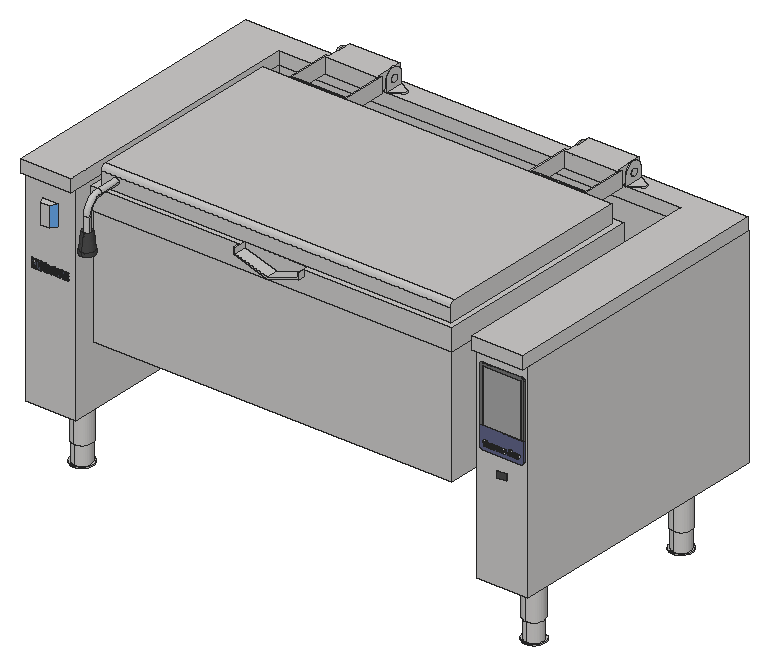
Revit family "QF_ELECTROLUXPROFESSIONAL_587035_PFET17ECUU", category Attrezzature speciali, Revit 2020
Family settings
  Quota connettore circolare = Usa diametro
  Tipo di parte = Normale
  Basato su piano di lavoro = No
  Sempre verticale = Sì
  Taglio con vuoti quando caricato = No
  Condiviso = No
  Punto di calcolo locali = No
Parameters (values of type "Standard")
  Weight = 300.00 kg
  Watts = 20600 W
  Volts = 208 V
  URL Manufacturer = "https://www.electroluxprofessional.com/"
  URL = "https://www.electroluxprofessional.com/"
  Steam Supply Size = 0 mm
  Steam Supply Minimum Pressure = 0.0 Pa
  Steam Supply Maximum Pressure = 0.0 Pa
  Steam Consumption per Hour = 0
  Refrigeration Suction Line Size = 0.0 mm
  Refrigeration Liquid Line Size = 0.0 mm
  Refrigerant Compressor Remote = yes
  Prospetto di default = 0.0 mm
  Produttore = "Electrolux Professional"
  Phase = 3
  Modello = "PFET17ECUU"
  Length Actual = 1600.0 mm  # constant formula
  Item Number = "587035"
  Hot Water Size = 12.7 mm
  Height Actual = 700.0 mm  # constant formula
  HP = "27.6 HP"
  Gas Size = 0 mm
  Gas KW = 0
  Gas Input Pressure = 0 W
  Direct Waste Size = 0 mm
  Descrizione = "ELECTRIC TILTING BRAISING PAN, 170L/45GAL,208V,FS,USA"
  Depth Actual = 900.0 mm  # constant formula
  Cycle = 60 Hz
  Condensate Return Size = 0 mm
  Compressed Air Volume = 0.0 L/s
  Compressed Air Size = 0 mm
  Compressed Air Pressure = 0.0 Pa
  Cold Water Size = 12.7 mm
  Accessory = yes
Reference planes
  plane 1 "Center (Front/Back)": y = 0
  plane 2: z = 0
  plane 3 "Center (Left/Right)": x = 0
  plane 4 "LEFT": x = -800
  plane 5 "RIGHT": x = 800
  plane 6 "BACK": y = 450
  plane 7 "FRONT": y = -450
  plane 8 "Base": z = 200
  plane 9 "TOP": z = 900
  plane 10: x = -640
  plane 11: x = 640
  plane 12 "Axe_PentolaY": y = -230
  plane 13 "AxePentolaZ": z = 730
  plane 14 "PLANE_TOP": z = 860
  plane 15: y = 380
  plane 16: z = 833
  plane 17: z = 455
  plane 18: z = 293
  plane 19: y = -470
  plane 20 "CentroPentolaY": y = -158
  plane 21 "TopCoperchio": z = 958
  plane 22 "Versamento": z = 910
  plane 23 "Gfront": y = -1300
  plane 24 "GRight": x = 250
  plane 25 "GLeft": x = -250
  plane 26 "Gback": y = -100
  plane 27: z = 1845
  plane 28 "Ribaltamento": y = -521
  plane 29 "AxeL": x = -720
  plane 30 "AxeR": x = 720
  plane 31 "Pentola_Back": y = 226
  plane 32 "Pentola_L": x = -570.5
  plane 33 "Pentola_R": x = 570.5
  plane 34: x = -510.5
  plane 35 "axeC1": x = -382
  plane 36 "axeC2": x = 382
Forms (mm)
  Revolve 1, solid, material "QF_Finishes_Stainless Steel"
    sketch origin (0, 0, 730) x (-1, 0, 0) y (0, -1, 0)
      loop
        line (640, 230) -> (-640, 230) -> (-640, 140) -> (-630, 140) -> (-630, 173) -> (630, 173) -> (630, 140) -> (640, 140) -> (640, 230)
      axis (640, 230) -> (-640, 230)
    angle from 0 to 360
  Extrusion 2, solid, material "QF_Finishes_Stainless Steel"
    sketch origin (0, 0, 860) x (-1, 0, 0) y (0, -1, 0)
      loop
        line (800, 450) -> (640, 450) -> (640, -380) -> (-640, -380) -> (-640, 450) -> (-800, 450) -> (-800, -450) -> (800, -450) -> (800, 450)
    from 0 to 40
  Extrusion 3, solid, material "QF_Finishes_Stainless Steel"
    sketch origin (0, 0, 860) x (-1, 0, 0) y (0, -1, 0)
      loop
        line (640, -380) -> (-640, -380) -> (-640, -450) -> (640, -450) -> (640, -380)
    from 0 to -360
  Extrusion 4, solid, material "QF_Finishes_Stainless Steel"
    sketch origin (-382, 0, 0) x (0, 1, 0) y (0, 0, 1)
      loop
        line (438.242, 900) -> (438.242, 931.379)
        arc (438.242, 931.379) -> (409.121, 960.5) -> (380, 931.379) r 29.121
        line (380, 931.379) -> (380, 900) -> (438.242, 900)
    from 80 to 85
  Extrusion 5, solid, material "QF_Finishes_Stainless Steel"
    sketch origin (-182, 3.822, 900) x (0, 1, 0) y (-1, 0, 0)
      loop
        arc (395.078, 80.386) -> (405.299, 74.322) -> (415.519, 80.386) r 11.645
        line (415.519, 80.386) -> (434.42, 115) -> (376.178, 115) -> (395.078, 80.386)
      loop
        line (395.078, 319.614) -> (376.178, 285) -> (434.42, 285) -> (415.519, 319.614)
        arc (415.519, 319.614) -> (405.299, 325.678) -> (395.078, 319.614) r 11.645
    from 0 to 3
  Extrusion 6, solid, material "QF_Door-Drawer Clearances", detail levels coarse
    sketch origin (0, 0, 0) x (0, 1, 0) y (0, 0, 1)
      loop
        line (-415, 958) -> (420, 958) -> (209.062, 1745.23) -> (194.574, 1741.347) -> (180.687, 1793.174)
        arc (180.687, 1793.174) -> (156.279, 1828.463) -> (116.687, 1845) r 76.299
        arc (116.687, 1845) -> (-327.776, 1502.756) -> (-519.112, 975.434) r 1003.531
        line (-519.112, 975.434) -> (-430, 943)
        arc (-430, 943) -> (-425.607, 953.607) -> (-415, 958) r 15
      loop
        arc (-470, 900) -> (-521.02, 709.615) -> (-444, 528.183) r 302.677
        line (-444, 528.183) -> (-444, 833) -> (-450, 833) -> (-450, 847.898) -> (-470, 847.898) -> (-470, 900)
    from 105 to -105
  Extrusion 7, solid, material "QF_Finishes_Stainless Steel"
    sketch origin (0, 0, 0) x (0, 1, 0) y (0, 0, 1)
      loop
        line (226, 833) -> (-444, 833) -> (-444, 455) -> (226, 455) -> (226, 833)
    from -570.5 to 570.5
  Extrusion 8, solid, material "QF_Finishes_Stainless Steel"
    sketch origin (0, 0, 0) x (0, 1, 0) y (0, 0, 1)
      loop
        line (232, 833) -> (232, 900) -> (-450, 900) -> (-450, 833) -> (232, 833)
    from -576.5 to 576.5
  Extrusion 9, void
    sketch origin (0, -450, 0) x (-1, 0, 0) y (0, 0, 1)
      loop
        line (-105, 900) -> (-105, 880) -> (0, 847.898) -> (105, 880) -> (105, 900) -> (-105, 900)
    from 0 to 20
  Extrusion 10, solid, material "QF_Finishes_Stainless Steel"
    sketch origin (0, 0, 0) x (0, 1, 0) y (0, 0, 1)
      loop
        line (212, 958) -> (-415, 958)
        arc (-415, 958) -> (-425.607, 953.607) -> (-430, 943) r 15
        line (-430, 943) -> (-430, 900) -> (212, 900) -> (212, 958)
    from -556.5 to 556.5
  Extrusion 11, solid, material "QF_Finishes_Stainless Steel"
    sketch origin (0, -450, 0) x (-1, 0, 0) y (0, 0, 1)
      loop
        line (105, 880) -> (105, 900) -> (100, 900) -> (100, 883.7) -> (0, 853.127) -> (-100, 883.7) -> (-100, 900) -> (-105, 900) -> (-105, 880) -> (0, 847.898) -> (105, 880)
    from -20 to 20
  Extrusion 12, solid, material "QF_Finishes_Stainless Steel"
    sketch origin (-382, 0, 0) x (0, 1, 0) y (0, 0, 1)
      loop
        line (438.242, 900) -> (438.242, 931.379)
        arc (438.242, 931.379) -> (409.121, 960.5) -> (380, 931.379) r 29.121
        line (380, 931.379) -> (380, 900) -> (438.242, 900)
    from -85 to -80
  Extrusion 13, solid, material "QF_Finishes_Stainless Steel"
    sketch origin (198, 0, 900) x (0, 1, 0) y (-1, 0, 0)
      loop
        line (212, 670) -> (212, 490) -> (355, 490) -> (355, 500) -> (438.242, 500) -> (438.242, 660) -> (355, 660) -> (355, 670) -> (212, 670)
      loop
        line (217, 665) -> (217, 495) -> (345, 495) -> (345, 665) -> (217, 665)
    from 10 to 58
  Extrusion 14, solid, material "QF_Finishes_Stainless Steel"
    sketch origin (-382, 0, 0) x (0, 1, 0) y (0, 0, 1)
      loop
        circle (406.621, 931.379) r 10
    from 90 to 85
  Extrusion 15, solid, material "QF_Finishes_Stainless Steel"
    sketch origin (-382, 0, 0) x (0, 1, 0) y (0, 0, 1)
      loop
        circle (406.621, 931.379) r 10
    from -85 to -90
  Extrusion 16, solid, material "QF_Finishes_Stainless Steel"
    sketch origin (382, 0, 0) x (0, 1, 0) y (0, 0, -1)
      loop
        line (438.242, -900) -> (380, -900) -> (380, -931.379)
        arc (380, -931.379) -> (409.121, -960.5) -> (438.242, -931.379) r 29.121
        line (438.242, -931.379) -> (438.242, -900)
    from 80 to 85
  Extrusion 17, solid, material "QF_Finishes_Stainless Steel"
    sketch origin (182, 3.822, 900) x (0, 1, 0) y (-1, 0, 0)
      loop
        line (395.078, -80.386) -> (376.178, -115) -> (434.42, -115) -> (415.519, -80.386)
        arc (415.519, -80.386) -> (405.299, -74.322) -> (395.078, -80.386) r 11.645
      loop
        arc (395.078, -319.614) -> (405.299, -325.678) -> (415.519, -319.614) r 11.645
        line (415.519, -319.614) -> (434.42, -285) -> (376.178, -285) -> (395.078, -319.614)
    from 0 to 3
  Extrusion 18, solid, material "QF_Finishes_Stainless Steel"
    sketch origin (382, 0, 0) x (0, 1, 0) y (0, 0, -1)
      loop
        line (438.242, -900) -> (380, -900) -> (380, -931.379)
        arc (380, -931.379) -> (409.121, -960.5) -> (438.242, -931.379) r 29.121
        line (438.242, -931.379) -> (438.242, -900)
    from -85 to -80
  Extrusion 19, solid, material "QF_Finishes_Stainless Steel"
    sketch origin (-198, 0, 900) x (0, 1, 0) y (-1, 0, 0)
      loop
        line (212, -670) -> (355, -670) -> (355, -660) -> (438.242, -660) -> (438.242, -500) -> (355, -500) -> (355, -490) -> (212, -490) -> (212, -670)
      loop
        line (217, -665) -> (345, -665) -> (345, -495) -> (217, -495) -> (217, -665)
    from 10 to 58
  Extrusion 20, solid, material "QF_Finishes_Stainless Steel"
    sketch origin (382, 0, 0) x (0, 1, 0) y (0, 0, -1)
      loop
        circle (406.621, -931.379) r 10
    from 90 to 85
  Extrusion 21, solid, material "QF_Finishes_Stainless Steel"
    sketch origin (382, 0, 0) x (0, 1, 0) y (0, 0, -1)
      loop
        circle (406.621, -931.379) r 10
    from -85 to -90
Cuts and joins
  Extrusion 9 cuts Extrusion 8
  joined: Extrusion 8, Extrusion 11
Lines and regions (mm)
  symbolic lines
    curve 1: line (800, 450, 900) -> (-800, 450, 900)
    curve 2: line (800, -450, 900) -> (800, 450, 900)
    curve 3: line (-800, 450, 900) -> (-800, -450, 900)
    curve 4: line (-800, -450, 900) -> (-640, -450, 900)
    curve 5: line (-640, -450, 900) -> (-640, 450, 900)
    curve 6: line (640, -450, 900) -> (800, -450, 900)
    curve 7: line (630, -140, 900) -> (630, -320, 900)
    curve 8: line (-630, -140, 900) -> (-630, -320, 900)
    curve 9: line (-630, -140, 900) -> (-640, -140, 900)
    curve 10: line (-630, -320, 900) -> (-640, -320, 900)
    curve 11: line (630, -140, 900) -> (640, -140, 900)
    curve 12: line (630, -320, 900) -> (640, -320, 900)
    curve 18: line (-630, -172.761, 900) -> (-575.169, -172.761, 900)
    curve 19: line (-630, -286.868, 900) -> (-576.5, -286.868, 900)
    curve 20: line (630, -172.761, 900) -> (576.5, -172.761, 900)
    curve 21: line (630, -286.868, 900) -> (576.5, -286.868, 900)
    curve 46: line (-556.5, -430, 900) -> (556.5, -430, 900)
    curve 47: line (-501.5, -450, 900) -> (-100, -450, 900)
    curve 53: line (100, -450, 900) -> (576.5, -450, 900)
    curve 54: line (-472, 232, 900) -> (-576.5, 232, 900)
    curve 55: line (292, 232, 900) -> (-292, 232, 900)
    curve 56: line (-640, 380, 900) -> (-462, 380, 900)
    curve 57: line (640, 450, 900) -> (640, -450, 900)
    curve 58: line (-472, 355, 900) -> (-472, 212, 900)
    curve 59: line (-467, 217, 900) -> (-467, 345, 900)
    curve 60: line (-467, 345, 900) -> (-297, 345, 900)
    curve 61: line (-297, 345, 900) -> (-297, 217, 900)
    curve 62: line (-292, 212, 900) -> (-292, 355, 900)
    curve 63: line (-297, 217, 900) -> (-467, 217, 900)
    curve 64: line (292, 355, 900) -> (292, 232, 900)
    curve 65: line (297, 217, 900) -> (297, 345, 900)
    curve 66: line (467, 217, 900) -> (297, 217, 900)
    curve 67: line (467, 345, 900) -> (467, 217, 900)
    curve 68: line (472, 212, 900) -> (472, 355, 900)
    curve 69: line (297, 345, 900) -> (467, 345, 900)
    curve 70: line (-462, 355, 900) -> (-472, 355, 900)
    curve 71: line (-292, 355, 900) -> (-302, 355, 900)
    curve 72: line (-302, 355, 900) -> (-302, 438.242, 900)
    curve 73: line (-462, 438.242, 900) -> (-462, 355, 900)
    curve 74: line (-297, 438.242, 900) -> (-467, 438.242, 900)
    curve 75: line (472, 355, 900) -> (462, 355, 900)
    curve 76: line (302, 355, 900) -> (292, 355, 900)
    curve 77: line (302, 438.242, 900) -> (302, 380, 900)
    curve 78: line (462, 355, 900) -> (462, 380, 900)
    curve 79: line (262.386, 398.901, 900) -> (297, 380, 900)
    curve 80: line (297, 438.242, 900) -> (262.386, 419.341, 900)
    curve 81: arc (262.386, 419.341, 900) -> (256.322, 409.121, 900) -> (262.386, 398.901, 900) r 11.645
    curve 82: line (292, 416.621, 900) -> (292, 396.621, 900)
    curve 83: line (297, 438.242, 900) -> (297, 380, 900)
    curve 84: line (462, 438.242, 900) -> (302, 438.242, 900)
    curve 85: line (467, 380, 900) -> (467, 438.242, 900)
    curve 86: line (472, 396.621, 900) -> (472, 416.621, 900)
    curve 87: line (501.614, 419.341, 900) -> (467, 438.242, 900)
    curve 88: line (467, 380, 900) -> (501.614, 398.901, 900)
    curve 89: arc (501.614, 398.901, 900) -> (507.678, 409.121, 900) -> (501.614, 419.341, 900) r 11.645
    curve 90: line (-467, 438.242, 900) -> (-501.614, 419.341, 900)
    curve 91: arc (-501.614, 419.341, 900) -> (-507.678, 409.121, 900) -> (-501.614, 398.901, 900) r 11.645
    curve 92: line (-501.614, 398.901, 900) -> (-467, 380, 900)
    curve 93: line (-472, 416.621, 900) -> (-472, 396.621, 900)
    curve 94: line (-467, 438.242, 900) -> (-467, 380, 900)
    curve 95: line (-297, 380, 900) -> (-297, 438.242, 900)
    curve 96: line (-292, 396.621, 900) -> (-292, 416.621, 900)
    curve 97: line (-297, 380, 900) -> (-262.386, 398.901, 900)
    curve 98: arc (-262.386, 398.901, 900) -> (-256.322, 409.121, 900) -> (-262.386, 419.341, 900) r 11.645
    curve 99: line (-262.386, 419.341, 900) -> (-297, 438.242, 900)
    curve 100: line (-472, 416.621, 900) -> (-467, 416.621, 900)
    curve 101: line (-472, 396.621, 900) -> (-467, 396.621, 900)
    curve 102: line (-297, 396.621, 900) -> (-292, 396.621, 900)
    curve 103: line (-297, 416.621, 900) -> (-292, 416.621, 900)
    curve 104: line (292, 416.621, 900) -> (297, 416.621, 900)
    curve 105: line (292, 396.621, 900) -> (297, 396.621, 900)
    curve 106: line (472, 416.621, 900) -> (467, 416.621, 900)
    curve 107: line (472, 396.621, 900) -> (467, 396.621, 900)
    curve 108: line (302, 380, 900) -> (302, 355, 900)
    curve 109: line (462, 380, 900) -> (462, 438.242, 900)
    curve 110: line (-302, 380, 900) -> (302, 380, 900)
    curve 111: line (462, 380, 900) -> (640, 380, 900)
    curve 112: line (-467, 232, 900) -> (-297, 232, 900)
    curve 113: line (292, 232, 900) -> (292, 212, 900)
    curve 114: line (297, 232, 900) -> (467, 232, 900)
    curve 115: line (472, 232, 900) -> (576.5, 232, 900)
  symbolic lines, style "SpecialityEquipmentHiddenLines"
    curve 13: line (-250, -1300, 900) -> (250, -1300, 900)
    curve 14: line (-250, -100, 900) -> (-250, -1300, 900)
    curve 15: line (250, -100, 900) -> (-250, -100, 900)
    curve 16: line (250, -1300, 900) -> (250, -100, 900)
    curve 38: line (0, -1165.484, 900) -> (0, -1135.484, 900)
    curve 39: line (-15, -1150.484, 900) -> (15, -1150.484, 900)
  symbolic lines, style "SpecialityEquipment"
    curve 17: circle (0, -1150.484, 900) r 15 normal (0, 0, 1)
    curve 22: line (210, -1300, 900) -> (210, -1100, 900)
    curve 23: line (170, -1300, 900) -> (170, -1140, 900)
    curve 24: line (130, -1300, 900) -> (130, -1180, 900)
    curve 25: line (90, -1300, 900) -> (90, -1220, 900)
    curve 26: line (90, -1260, 900) -> (250, -1260, 900)
    curve 27: line (130, -1220, 900) -> (250, -1220, 900)
    curve 28: line (170, -1180, 900) -> (250, -1180, 900)
    curve 29: line (210, -1140, 900) -> (250, -1140, 900)
    curve 30: line (-210, -1300, 900) -> (-210, -1100, 900)
    curve 31: line (-170, -1300, 900) -> (-170, -1140, 900)
    curve 32: line (-130, -1300, 900) -> (-130, -1180, 900)
    curve 33: line (-90, -1300, 900) -> (-90, -1220, 900)
    curve 34: line (-90, -1260, 900) -> (-250, -1260, 900)
    curve 35: line (-130, -1220, 900) -> (-250, -1220, 900)
    curve 36: line (-170, -1180, 900) -> (-250, -1180, 900)
    curve 37: line (-210, -1140, 900) -> (-250, -1140, 900)
    curve 40: line (-556.5, 212, 900) -> (-556.5, -430, 900)
    curve 41: line (556.5, -430, 900) -> (556.5, 212, 900)
    curve 42: line (556.5, 212, 900) -> (-556.5, 212, 900)
    curve 43: line (-576.5, 232, 900) -> (-576.5, -450, 900)
    curve 44: line (-576.5, -450, 900) -> (-519.5, -450, 900)
    curve 45: line (576.5, -450, 900) -> (576.5, 232, 900)
    curve 48: line (-100, -430, 900) -> (-100, -470, 900)
    curve 49: line (-105, -470, 900) -> (105, -470, 900)
    curve 50: line (100, -470, 900) -> (100, -430, 900)
    curve 51: line (105, -470, 900) -> (105, -450, 900)
    curve 52: line (-105, -450, 900) -> (-105, -470, 900)
Dimensions and locks
  plane 4 "LEFT" to plane 5 "RIGHT" = 1600.0 mm
  equal spacing: plane 4 "LEFT", plane 3 "Center (Left/Right)", plane 5 "RIGHT"
  equal spacing: plane 6 "BACK", plane 1 "Center (Front/Back)", plane 7 "FRONT"
  plane 6 "BACK" to plane 7 "FRONT" = 900.0 mm
  plane 8 "Base" to level = 200.0 mm
  plane 9 "TOP" to level = 900.0 mm
  plane 9 "TOP" to plane 8 "Base" = 700.0 mm
  locked: plane 4 "LEFT" to plane 10 at 160
  locked: plane 11 to plane 5 "RIGHT" at 160
  locked: plane 6 "BACK" to plane 12 "Axe_PentolaY" at 680
  locked: plane 13 "AxePentolaZ" to plane 8 "Base" at 530
  locked: Revolve 1 sketch curve to Revolve 1 sketch curve at 57
  locked: Revolve 1 sketch curve to Revolve 1 sketch curve at 90
  locked: plane 10 to Revolve 1 sketch curve at 10
  locked: Revolve 1 sketch curve to plane 11 at 10
  locked: plane 9 "TOP" to plane 14 "PLANE_TOP" at 40
  plane 6 "BACK" to plane 15 = 70.0 mm
  locked: plane 16 to plane 13 "AxePentolaZ" at 103
  locked: plane 13 "AxePentolaZ" to plane 17 at 275
  locked: plane 17 to plane 18 at 162
  plane 6 "BACK" to plane 19 = 920.0 mm
  locked: plane 6 "BACK" to plane 20 "CentroPentolaY" at 608
  locked: plane 21 "TopCoperchio" to plane 9 "TOP" at 58
  locked: plane 22 "Versamento" to level at 910
  plane 6 "BACK" to plane 23 "Gfront" = 1750.0 mm
  locked: plane 25 "GLeft" to plane 3 "Center (Left/Right)" at 250
  locked: plane 3 "Center (Left/Right)" to plane 24 "GRight" at 250
  plane 6 "BACK" to plane 26 "Gback" = 550.0 mm
  plane 27 to plane 9 "TOP" = 945.0 mm
  plane 6 "BACK" to plane 28 "Ribaltamento" = 971.0 mm
  equal spacing: plane 10, plane 29 "AxeL", plane 4 "LEFT"
  equal spacing: plane 5 "RIGHT", plane 30 "AxeR", plane 11
  locked: plane 33 "Pentola_R" to plane 32 "Pentola_L" at 1141
  equal spacing: plane 33 "Pentola_R", plane 3 "Center (Left/Right)", plane 32 "Pentola_L"
  locked: Extrusion 8 sketch curve to plane 31 "Pentola_Back" at 6
  plane 31 "Pentola_Back" to plane 12 "Axe_PentolaY" = 456.0 mm
  locked: plane 34 to plane 32 "Pentola_L" at 60
  plane 4 "LEFT" to plane 35 "axeC1" = 418.0 mm
  plane 36 "axeC2" to plane 5 "RIGHT" = 418.0 mm
  locked: cut or joined group of Extrusion 8, Extrusion 9, Extrusion 11 to plane 33 "Pentola_R" at 6
  locked: plane 32 "Pentola_L" to cut or joined group of Extrusion 8, Extrusion 9, Extrusion 11 at 6
  locked: Extrusion 10 to plane 32 "Pentola_L" at 14
  locked: plane 33 "Pentola_R" to Extrusion 10 at 14
  aligned and locked: level to plane 2
  aligned and locked: plane 5 "RIGHT" to nested 2
  aligned and locked: plane 4 "LEFT" to nested 1
  aligned and locked: plane 8 "Base" to nested 1
  aligned and locked: plane 6 "BACK" to nested 2
  aligned and locked: plane 10 to Revolve 1 sketch curve
  aligned and locked: plane 11 to Revolve 1 sketch curve
  aligned and locked: plane 4 "LEFT" to Extrusion 2 sketch curve
  aligned and locked: Extrusion 2 sketch curve to plane 10
  aligned and locked: plane 7 "FRONT" to Extrusion 2 sketch curve  (x2)
  aligned and locked: Extrusion 2 sketch curve to plane 5 "RIGHT"
  aligned and locked: plane 11 to Extrusion 2 sketch curve
  aligned and locked: Extrusion 2 sketch curve to plane 6 "BACK"
  aligned and locked: plane 15 to Extrusion 2 sketch curve
  aligned and locked: Extrusion 3 sketch curve to plane 10
  aligned and locked: plane 6 "BACK" to Extrusion 3 sketch curve
  aligned and locked: plane 11 to Extrusion 3 sketch curve
  aligned and locked: Extrusion 3 sketch curve to plane 15
  aligned and locked: curve 13 to plane 23 "Gfront"
  aligned and locked: curve 14 to plane 25 "GLeft"
  aligned and locked: plane 24 "GRight" to curve 16
  aligned and locked: plane 26 "Gback" to curve 15
  aligned and locked: plane 30 "AxeR" to nested 3
  aligned and locked: plane 17 to Extrusion 7 sketch curve
  aligned and locked: Extrusion 8 sketch curve to plane 16
  aligned and locked: plane 9 "TOP" to Extrusion 8 sketch curve
  aligned and locked: Extrusion 7 to plane 32 "Pentola_L"
  aligned and locked: plane 33 "Pentola_R" to Extrusion 7
  aligned and locked: plane 34 to nested 4
  aligned and locked: plane 29 "AxeL" to nested 5
Automatic sketch dimensions
  plane 12 "Axe_PentolaY" to Revolve 1 sketch curve = 0.0 mm
  Revolve 1 sketch curve to plane 12 "Axe_PentolaY" = 0.0 mm
  plane 20 "CentroPentolaY" to Revolve 1 sketch curve = 18.0 mm
  plane 5 "RIGHT" to Revolve 1 sketch curve = 432.098 mm
  Revolve 1 sketch curve to plane 4 "LEFT" = 580.148 mm
  Extrusion 4 sketch curve to plane 9 "TOP" = 0.0 mm
  Extrusion 4 sketch curve to plane 15 = 0.0 mm
  plane 15 to Extrusion 4 sketch curve = 29.121 mm
  plane 22 "Versamento" to Extrusion 4 sketch curve = 21.379 mm
  Extrusion 5 sketch curve to plane 15 = 0.0 mm  (x2)
  plane 34 to Extrusion 5 sketch curve = 8.886 mm  (x2)
  plane 15 to Extrusion 5 sketch curve = 18.901 mm  (x2)
  Extrusion 5 sketch curve to Extrusion 5 sketch curve = 10.22 mm  (x3)
  Extrusion 5 sketch curve to plane 25 "GLeft" = 12.386 mm
  Extrusion 5 sketch curve to plane 6 "BACK" = 11.758 mm  (x2)
  Extrusion 5 sketch curve to Extrusion 5 sketch curve = 5.581 mm  (x2)
  Extrusion 5 sketch curve to Extrusion 5 sketch curve = 34.614 mm  (x2)
  Extrusion 6 sketch curve to plane 9 "TOP" = 0.0 mm
  Extrusion 6 sketch curve to plane 19 = 0.0 mm
  Extrusion 6 sketch curve to plane 7 "FRONT" = 0.0 mm
  Extrusion 6 sketch curve to plane 16 = 0.0 mm
  Extrusion 6 sketch curve to plane 21 "TopCoperchio" = 0.0 mm
  Extrusion 6 sketch curve to plane 27 = 0.0 mm
  plane 28 "Ribaltamento" to Extrusion 6 sketch curve = 1.888 mm
  Extrusion 6 sketch curve to Extrusion 6 sketch curve = 6.0 mm
  plane 7 "FRONT" to Extrusion 6 sketch curve = 20.0 mm
  Extrusion 6 sketch curve to plane 21 "TopCoperchio" = 15.0 mm
  plane 13 "AxePentolaZ" to Extrusion 6 sketch curve = 0.728 mm
  plane 12 "Axe_PentolaY" to Extrusion 6 sketch curve = 10.919 mm
  Extrusion 6 sketch curve to plane 1 "Center (Front/Back)" = 108.263 mm
  Extrusion 6 sketch curve to plane 31 "Pentola_Back" = 45.313 mm
  Extrusion 6 sketch curve to plane 31 "Pentola_Back" = 31.426 mm
  Extrusion 6 sketch curve to Extrusion 6 sketch curve = 14.489 mm
  Extrusion 6 sketch curve to plane 6 "BACK" = 30.0 mm
  plane 22 "Versamento" to Extrusion 6 sketch curve = 0.445 mm
  plane 6 "BACK" to Extrusion 6 sketch curve = 32.313 mm
  Extrusion 6 sketch curve to plane 14 "PLANE_TOP" = 12.102 mm
  plane 21 "TopCoperchio" to Extrusion 6 sketch curve = 17.434 mm
  Extrusion 6 sketch curve to plane 27 = 103.653 mm
  Extrusion 7 sketch curve to plane 16 = 0.0 mm
  Extrusion 7 sketch curve to plane 31 "Pentola_Back" = 0.0 mm
  plane 7 "FRONT" to Extrusion 7 sketch curve = 6.0 mm
  Extrusion 8 sketch curve to plane 7 "FRONT" = 0.0 mm
  Extrusion 9 sketch curve to plane 9 "TOP" = 0.0 mm
  Extrusion 9 sketch curve to plane 3 "Center (Left/Right)" = 0.0 mm
  plane 3 "Center (Left/Right)" to Extrusion 9 sketch curve = 105.0 mm
  Extrusion 9 sketch curve to plane 9 "TOP" = 20.0 mm  (x2)
  Extrusion 9 sketch curve to plane 3 "Center (Left/Right)" = 105.0 mm
  Extrusion 9 sketch curve to plane 14 "PLANE_TOP" = 12.102 mm
  Extrusion 10 sketch curve to plane 9 "TOP" = 0.0 mm
  Extrusion 10 sketch curve to plane 21 "TopCoperchio" = 0.0 mm
  plane 7 "FRONT" to Extrusion 10 sketch curve = 20.0 mm
  Extrusion 10 sketch curve to Extrusion 10 sketch curve = 15.0 mm
  Extrusion 10 sketch curve to plane 31 "Pentola_Back" = 14.0 mm
  Extrusion 11 sketch curve to plane 9 "TOP" = 0.0 mm  (x2)
  Extrusion 11 sketch curve to plane 3 "Center (Left/Right)" = 0.0 mm  (x2)
  plane 3 "Center (Left/Right)" to Extrusion 11 sketch curve = 100.0 mm
  Extrusion 11 sketch curve to Extrusion 11 sketch curve = 5.0 mm  (x2)
  Extrusion 11 sketch curve to plane 9 "TOP" = 16.3 mm
  Extrusion 11 sketch curve to plane 3 "Center (Left/Right)" = 100.0 mm
  Extrusion 11 sketch curve to plane 9 "TOP" = 20.0 mm  (x2)
  Extrusion 11 sketch curve to plane 14 "PLANE_TOP" = 6.873 mm
  Extrusion 11 sketch curve to Extrusion 11 sketch curve = 5.228 mm
  Extrusion 11 sketch curve to Extrusion 11 sketch curve = 3.7 mm
  Extrusion 12 sketch curve to plane 9 "TOP" = 0.0 mm
  Extrusion 12 sketch curve to plane 15 = 0.0 mm
  plane 15 to Extrusion 12 sketch curve = 29.121 mm
  plane 22 "Versamento" to Extrusion 12 sketch curve = 21.379 mm
  Extrusion 13 sketch curve to plane 31 "Pentola_Back" = 14.0 mm
  Extrusion 13 sketch curve to Extrusion 13 sketch curve = 5.0 mm  (x4)
  Extrusion 13 sketch curve to plane 15 = 35.0 mm
  Extrusion 13 sketch curve to Extrusion 13 sketch curve = 10.0 mm  (x3)
  Extrusion 13 sketch curve to plane 6 "BACK" = 11.758 mm
  Extrusion 13 sketch curve to plane 25 "GLeft" = 42.0 mm
  plane 34 to Extrusion 13 sketch curve = 48.5 mm
  plane 15 to Extrusion 14 sketch curve = 26.621 mm
  plane 22 "Versamento" to Extrusion 14 sketch curve = 21.379 mm
  plane 15 to Extrusion 15 sketch curve = 26.621 mm
  plane 22 "Versamento" to Extrusion 15 sketch curve = 21.379 mm
  Extrusion 16 sketch curve to plane 9 "TOP" = 0.0 mm
  Extrusion 16 sketch curve to plane 15 = 0.0 mm
  Extrusion 16 sketch curve to Extrusion 16 sketch curve = 29.121 mm
  plane 22 "Versamento" to Extrusion 16 sketch curve = 21.379 mm
  Extrusion 17 sketch curve to plane 15 = 0.0 mm  (x2)
  Extrusion 17 sketch curve to plane 15 = 18.901 mm  (x2)
  Extrusion 17 sketch curve to Extrusion 17 sketch curve = 10.22 mm  (x4)
  Extrusion 17 sketch curve to plane 24 "GRight" = 12.386 mm
  plane 6 "BACK" to Extrusion 17 sketch curve = 11.758 mm  (x2)
  Extrusion 17 sketch curve to Extrusion 17 sketch curve = 5.581 mm  (x2)
  Extrusion 17 sketch curve to Extrusion 17 sketch curve = 34.614 mm
  Extrusion 17 sketch curve to plane 36 "axeC2" = 85.0 mm
  Extrusion 17 sketch curve to Extrusion 17 sketch curve = 29.033 mm
  Extrusion 18 sketch curve to plane 9 "TOP" = 0.0 mm
  Extrusion 18 sketch curve to plane 15 = 0.0 mm
  Extrusion 18 sketch curve to Extrusion 18 sketch curve = 29.121 mm
  plane 22 "Versamento" to Extrusion 18 sketch curve = 21.379 mm
  plane 31 "Pentola_Back" to Extrusion 19 sketch curve = 14.0 mm
  Extrusion 19 sketch curve to Extrusion 19 sketch curve = 5.0 mm  (x4)
  plane 15 to Extrusion 19 sketch curve = 35.0 mm
  Extrusion 19 sketch curve to Extrusion 19 sketch curve = 10.0 mm  (x3)
  plane 6 "BACK" to Extrusion 19 sketch curve = 11.758 mm
  Extrusion 19 sketch curve to plane 24 "GRight" = 42.0 mm
  Extrusion 19 sketch curve to plane 36 "axeC2" = 80.0 mm
  plane 15 to Extrusion 20 sketch curve = 26.621 mm
  plane 22 "Versamento" to Extrusion 20 sketch curve = 21.379 mm
  plane 15 to Extrusion 21 sketch curve = 26.621 mm
  plane 22 "Versamento" to Extrusion 21 sketch curve = 21.379 mm
  curve 38 to plane 3 "Center (Left/Right)" = 0.0 mm
  curve 17 to plane 3 "Center (Left/Right)" = 0.0 mm
  curve 52 to plane 19 = 0.0 mm
  curve 51 to plane 7 "FRONT" = 0.0 mm
  curve 52 to plane 7 "FRONT" = 0.0 mm
  curve 44 to plane 7 "FRONT" = 0.0 mm
  curve 2 to plane 5 "RIGHT" = 0.0 mm
  curve 2 to plane 7 "FRONT" = 0.0 mm
  curve 3 to plane 4 "LEFT" = 0.0 mm
  curve 3 to plane 7 "FRONT" = 0.0 mm
  curve 12 to plane 11 = 0.0 mm
  curve 10 to plane 10 = 0.0 mm
  curve 111 to plane 15 = 0.0 mm
  curve 56 to plane 15 = 0.0 mm
  curve 110 to plane 15 = 0.0 mm
  curve 5 to plane 6 "BACK" = 0.0 mm
  plane 23 "Gfront" to curve 17 = 149.516 mm
  plane 7 "FRONT" to curve 40 = 20.0 mm
  plane 10 to curve 8 = 10.0 mm
  curve 8 to plane 12 "Axe_PentolaY" = 90.0 mm
  curve 7 to plane 11 = 10.0 mm
  curve 7 to plane 12 "Axe_PentolaY" = 90.0 mm
  plane 20 "CentroPentolaY" to curve 8 = 18.0 mm
  plane 20 "CentroPentolaY" to curve 7 = 18.0 mm
  curve 42 to plane 31 "Pentola_Back" = 14.0 mm
  curve 68 to curve 67 = 5.0 mm  (x2)
  curve 62 to curve 63 = 5.0 mm
  plane 31 "Pentola_Back" to curve 64 = 6.0 mm
  plane 31 "Pentola_Back" to curve 43 = 6.0 mm
  curve 60 to curve 95 = 35.0 mm
  curve 65 to plane 15 = 35.0 mm
  curve 65 to curve 64 = 10.0 mm
  curve 67 to curve 68 = 10.0 mm
  curve 60 to curve 62 = 10.0 mm
  curve 59 to curve 58 = 10.0 mm
  plane 15 to curve 105 = 16.621 mm
  plane 15 to curve 102 = 16.621 mm
  plane 15 to curve 86 = 16.621 mm
  plane 15 to curve 101 = 16.621 mm
  plane 15 to curve 88 = 18.901 mm
  plane 34 to curve 92 = 8.886 mm
  plane 15 to curve 92 = 18.901 mm
  plane 15 to curve 79 = 18.901 mm
  plane 15 to curve 97 = 18.901 mm
  curve 89 to curve 89 = 10.22 mm
  curve 81 to curve 81 = 10.22 mm
  curve 98 to curve 98 = 10.22 mm
  curve 91 to curve 91 = 10.22 mm
  curve 82 to curve 82 = 20.0 mm
  curve 96 to curve 96 = 20.0 mm
  curve 86 to curve 106 = 20.0 mm
  curve 93 to curve 93 = 20.0 mm
  plane 24 "GRight" to curve 80 = 12.386 mm
  curve 81 to curve 80 = 10.22 mm
  curve 89 to curve 87 = 10.22 mm
  plane 34 to curve 90 = 8.886 mm
  curve 99 to plane 25 "GLeft" = 12.386 mm
  curve 98 to curve 99 = 10.22 mm
  curve 84 to plane 6 "BACK" = 11.758 mm
  curve 84 to curve 85 = 0.0 mm
  curve 95 to plane 6 "BACK" = 11.758 mm
  curve 83 to curve 77 = 0.0 mm
  plane 33 "Pentola_R" to curve 45 = 6.0 mm
  curve 42 to plane 33 "Pentola_R" = 14.0 mm
  curve 88 to plane 33 "Pentola_R" = 68.886 mm
  curve 87 to curve 89 = 5.581 mm
  curve 89 to curve 86 = 24.033 mm
  curve 75 to curve 86 = 0.0 mm
  curve 86 to curve 85 = 5.0 mm
  curve 68 to curve 78 = 10.0 mm
  curve 84 to curve 81 = 39.614 mm
  plane 24 "GRight" to curve 66 = 47.0 mm
  curve 77 to curve 80 = 5.0 mm
  curve 105 to curve 105 = 5.0 mm
  curve 114 to curve 55 = 5.0 mm
  curve 81 to curve 81 = 5.581 mm
  plane 3 "Center (Left/Right)" to curve 51 = 105.0 mm
  curve 49 to plane 3 "Center (Left/Right)" = 105.0 mm
  curve 98 to curve 98 = 5.581 mm
  curve 98 to curve 96 = 24.033 mm
  curve 62 to curve 96 = 0.0 mm
  curve 96 to curve 99 = 5.0 mm
  curve 62 to curve 61 = 5.0 mm
  curve 62 to curve 71 = 10.0 mm
  plane 34 to curve 73 = 48.5 mm
  curve 73 to curve 90 = 5.0 mm
  plane 34 to curve 63 = 43.5 mm
  curve 101 to curve 93 = 5.0 mm
  curve 70 to curve 58 = 10.0 mm
  curve 91 to curve 90 = 5.581 mm
  plane 32 "Pentola_L" to curve 46 = 14.0 mm
  curve 54 to plane 32 "Pentola_L" = 6.0 mm
  curve 13 to curve 26 = 40.0 mm
  curve 33 to curve 34 = 40.0 mm
  curve 26 to curve 27 = 40.0 mm
  curve 34 to curve 35 = 40.0 mm
  curve 35 to curve 33 = 0.0 mm
  curve 25 to curve 27 = 0.0 mm
  curve 27 to curve 28 = 40.0 mm
  curve 24 to curve 28 = 0.0 mm
  curve 35 to curve 32 = 40.0 mm
  curve 36 to curve 32 = 0.0 mm
  curve 38 to curve 17 = 15.0 mm
  curve 17 to curve 39 = 0.0 mm
  curve 28 to curve 29 = 40.0 mm
  curve 36 to curve 31 = 40.0 mm
  curve 28 to curve 23 = 40.0 mm
  curve 37 to curve 31 = 0.0 mm
  curve 37 to curve 30 = 40.0 mm
  curve 29 to curve 22 = 40.0 mm
  curve 8 to curve 19 = 33.132 mm
  curve 7 to curve 21 = 33.132 mm
  curve 20 to plane 20 "CentroPentolaY" = 14.761 mm
  curve 18 to plane 20 "CentroPentolaY" = 14.761 mm
  curve 54 to curve 112 = 0.0 mm
  plane 31 "Pentola_Back" to curve 115 = 6.0 mm
  curve 114 to curve 115 = 0.0 mm
  curve 113 to curve 55 = 0.0 mm
  curve 22 to plane 24 "GRight" = 40.0 mm
  curve 22 to curve 23 = 40.0 mm
  curve 28 to curve 27 = 40.0 mm
  curve 51 to curve 53 = 5.0 mm
  curve 27 to curve 25 = 40.0 mm
  curve 33 to plane 3 "Center (Left/Right)" = 90.0 mm
  curve 47 to curve 52 = 5.0 mm
  curve 33 to curve 35 = 40.0 mm
  curve 32 to curve 31 = 40.0 mm
  curve 37 to curve 37 = 40.0 mm
  plane 34 to curve 47 = 9.0 mm
  curve 44 to plane 34 = 9.0 mm
  curve 18 to plane 32 "Pentola_L" = 4.669 mm
  radius of Extrusion 14 sketch curve = 10.0 mm
  radius of Extrusion 15 sketch curve = 10.0 mm
  radius of Extrusion 20 sketch curve = 10.0 mm
  radius of Extrusion 21 sketch curve = 10.0 mm
Nested families
  nested 1: "QF_ELECTROLUXPROFESSIONAL_PBOTNB900_LEFT" at (-720, 0, 0), type "QF_ELECTROLUXPROFESSIONAL_PBOTNB900_LEFT"
    with Body Finish QF_Finishes_Stainless Steel
  nested 2: "QF_ELECTROLUXPROFESSIONAL_PBOTNB900_RIGHT" at (720, 0, 0), type "QF_ELECTROLUXPROFESSIONAL_PBOTNB900_RIGHT"
    with Body Finish QF_Finishes_Stainless Steel
  nested 3: "QF_ELECTROLUXPROFESSIONAL_2FEET_THL_120xH200" at (720, 0, 0), type "QF_ELECTROLUXPROFESSIONAL_2FEET_THL_120xH200"
  nested 4: "QF_ELECTROLUXPROFESSIONAL_PFET900_LEVEL1" at (-510.5, -430, 927.803), type "QF_ELECTROLUXPROFESSIONAL_PFET900_LEVEL1"
  nested 5: "QF_ELECTROLUXPROFESSIONAL_2FEET_THL_120xH200" at (-720, 0, 0), type "QF_ELECTROLUXPROFESSIONAL_2FEET_THL_120xH200"
Connectors
  piping at (-750, 453, 395), diameter 12.7, driven by "Hot Water Size"
    settings: on nested 1, index 1, connector inside diameter 609.6 mm, connector length 0.0 mm, flow factor 0, pipe flow 0.0 L/s, pressure drop 0.0 Pa, fitting loss kfactor 0, connector angle 0.00°, fixture units 0, engagement length 0.0 mm, angle of deflection 0.00°, flow configuration 1, flow direction 1, fitting loss method 0, system type 19, joint type 0, gender type 0, connector reference index -1, connector utility 0, adjustable connector no, is connector primary yes, connector description "Hot Water Inlet"
  piping at (-690, 453, 395), diameter 12.7, driven by "Cold Water Size"
    settings: on nested 1, index 2, connector inside diameter 609.6 mm, connector length 0.0 mm, flow factor 0, pipe flow 0.0 L/s, pressure drop 0.0 Pa, fitting loss kfactor 0, connector angle 0.00°, fixture units 0, engagement length 0.0 mm, angle of deflection 0.00°, flow configuration 1, flow direction 1, fitting loss method 0, system type 20, joint type 0, gender type 0, connector reference index -1, connector utility 0, adjustable connector no, is connector primary no, connector description "Cold Water Inlet"
  electrical at (720, 450, 450), driven by "Volts"
    settings: on nested 2, index 3, voltage 208 V, apparent load 0 VA, apparent load phase1 0 VA, apparent load phase2 0 VA, apparent load phase3 0 VA, power factor 1, load classification "Other", number of poles 1, system type 30, power factor state 1, is connector primary yes, connector utility no, sub classification motor no, connector description "Electrical Connection"
Definition of nested family "QF_ELECTROLUXPROFESSIONAL_PBOTNB900_LEFT"
  Parameters
    Width = 160.0 mm
    Right = Width / 2  # 80.0 mm
    Default Elevation = 0.0 mm
    Left = -Width / 2  # -80.0 mm
    Htop = 40.0 mm
    Height = 900.0 mm
    HW_CW_z = 195.0 mm
    HW_CW_y = 312.0 mm
    HW_CW_Border = 50.0 mm
    HBase = 200.0 mm
    Depth = 900.0 mm
    BorderFront = 20.0 mm
    Body Finish [instance] = none
  Reference planes
    plane 1 "Center (Front/Back)": y = 0
    plane 2: z = 0
    plane 3 "Center (Left/Right)": x = 0
    plane 4 "LEFT": x = -80
    plane 5 "RIGHT": x = 80
    plane 6 "BACK": y = 450
    plane 7 "FRONT": y = -450
    plane 8 "TRAYSLIDER": y = -811.8
    plane 9 "Base": z = 200
    plane 10 "TOP": z = 900
    plane 11 "BorderFront": y = -430
    plane 12: z = 860
    plane 13 "HW_CW": y = 138
    plane 14: x = -30
    plane 15: x = 30
    plane 16 "STEAM": z = 340
    plane 17 "CHW": z = 395
  Forms (mm)
    Extrusion 1, solid
      sketch origin (0, 0, 0) x (1, 0, 0) y (0, 1, 0)
        loop
          line (-80, 450) -> (-80, -430) -> (80, -430) -> (80, 450) -> (-80, 450)
      from 860 to 200
    Extrusion 2, solid, material <- "Body Finish"
      sketch origin (0, 450, 0) x (-1, 0, 0) y (0, 0, 1)
        loop
          circle (30, 395) r 6.35
        loop
          circle (-30, 395) r 6.35
      from 3 to 0
    Blend 3, solid, material <- "Body Finish"
      base sketch origin (0, -430, -0.233) x (-1, 0, 0) y (0, 0, 1)
        loop
          line (23.5, 800.233) -> (-23.5, 800.233) -> (-23.5, 733.433) -> (23.5, 733.433) -> (23.5, 800.233)
      top sketch origin (0, -430, -0.233) x (-1, 0, 0) y (0, 0, 1)
        loop
          line (13.448, 797.45) -> (-13.448, 797.45) -> (-13.448, 736.216) -> (13.448, 736.216) -> (13.448, 797.45)
      from 0 to -20
    Extrusion 4, solid
      sketch origin (-12.54, -430, 23) x (-1, 0, 0) y (0, 0, 1)
        loop
          line (5.327, 593.058) -> (5.327, 590.846) -> (11.437, 590.846) -> (11.437, 587.616) -> (5.692, 587.616) -> (5.692, 585.398) -> (11.437, 585.398) -> (11.437, 583.444)
          arc (11.437, 583.444) -> (10.839, 582.088) -> (9.435, 581.614) r 1.838
          line (9.435, 581.614) -> (5.163, 581.614) -> (5.163, 579.403) -> (9.986, 579.403)
          arc (9.986, 579.403) -> (12.674, 580.517) -> (13.788, 583.205) r 3.802
          line (13.788, 583.205) -> (13.788, 593.058) -> (5.327, 593.058)
        loop
          line (3.492, 593.058) -> (1.141, 593.058) -> (1.141, 579.403) -> (3.492, 579.403) -> (3.492, 593.058)
        loop
          line (-47.588, 593.058) -> (-49.941, 593.058) -> (-49.941, 579.403) -> (-47.588, 579.403) -> (-47.588, 593.058)
        loop
          arc (-2.749, 583.764) -> (-3.194, 582.272) -> (-4.489, 581.409) r 2.29
          arc (-4.489, 581.409) -> (-6.614, 581.225) -> (-8.443, 582.322) r 3.458
          line (-8.443, 582.322) -> (-9.836, 580.928)
          arc (-9.836, 580.928) -> (-7.685, 579.48) -> (-5.119, 579.102) r 5.86
          arc (-5.119, 579.102) -> (-1.823, 580.467) -> (-0.457, 583.764) r 4.662
          arc (-0.457, 583.764) -> (-1.495, 587.706) -> (-5.131, 589.55) r 4.976
          arc (-5.131, 589.55) -> (-9.259, 588.004) -> (-10.466, 583.764) r 4.89
          line (-10.466, 583.764) -> (-2.749, 583.764)
        loop
          arc (-2.808, 585.417) -> (-3.843, 587.066) -> (-5.727, 587.557) r 2.64
          arc (-5.727, 587.557) -> (-7.36, 586.981) -> (-8.104, 585.417) r 2.256
          line (-8.104, 585.417) -> (-2.808, 585.417)
        loop
          arc (-19.634, 586.402) -> (-17.741, 587.437) -> (-15.609, 587.112) r 3.369
          arc (-15.609, 587.112) -> (-14.276, 585.699) -> (-14.118, 583.764) r 2.933
          arc (-14.118, 583.764) -> (-16.389, 581.316) -> (-19.559, 582.365) r 3.088
          line (-19.559, 582.365) -> (-21.028, 580.896)
          arc (-21.028, 580.896) -> (-14.811, 579.611) -> (-11.775, 585.186) r 5.33
          arc (-11.775, 585.186) -> (-13.576, 588.365) -> (-17.009, 589.62) r 5.293
          arc (-17.009, 589.62) -> (-19.259, 589.219) -> (-21.111, 587.878) r 5.117
          line (-21.111, 587.878) -> (-19.634, 586.402)
        loop
          line (-22.556, 593.058) -> (-24.908, 593.058) -> (-24.908, 589.279) -> (-27.044, 589.279) -> (-27.044, 587.143) -> (-24.908, 587.143) -> (-24.908, 583.764)
          arc (-24.908, 583.764) -> (-25.11, 582.682) -> (-25.866, 581.883) r 1.949
          arc (-25.866, 581.883) -> (-26.455, 581.649) -> (-27.088, 581.601) r 2.118
          line (-27.088, 581.601) -> (-27.088, 579.397)
          arc (-27.088, 579.397) -> (-24.962, 579.678) -> (-23.283, 581.013) r 4.018
          arc (-23.283, 581.013) -> (-22.759, 582.327) -> (-22.556, 583.727) r 6.031
          line (-22.556, 583.727) -> (-22.556, 593.058)
        loop
          line (-31.355, 584.595) -> (-31.355, 579.403) -> (-29.023, 579.403) -> (-29.023, 589.279) -> (-31.355, 589.279) -> (-31.355, 587.855)
          arc (-31.355, 587.855) -> (-32.932, 589.208) -> (-35.001, 589.403) r 3.432
          line (-35.001, 589.403) -> (-35.001, 587.143)
          arc (-35.001, 587.143) -> (-33.417, 587.175) -> (-32.009, 586.452) r 3.231
          arc (-32.009, 586.452) -> (-31.523, 585.579) -> (-31.355, 584.595) r 2.967
        loop
          circle (-40.752, 584.339) r 5.233
        loop
          circle (-40.752, 584.339) r 3.172
        loop
          line (-58.424, 583.516) -> (-58.424, 589.279) -> (-60.794, 589.279) -> (-60.794, 583.417)
          arc (-60.794, 583.417) -> (-59.481, 580.276) -> (-56.268, 579.153) r 4.181
          arc (-56.268, 579.153) -> (-53.09, 580.243) -> (-51.74, 583.32) r 4.181
          line (-51.74, 583.32) -> (-51.74, 589.279) -> (-54.111, 589.279) -> (-54.111, 583.516)
          arc (-54.111, 583.516) -> (-54.692, 581.919) -> (-56.268, 581.283) r 2.088
          arc (-56.268, 581.283) -> (-57.843, 581.919) -> (-58.424, 583.516) r 2.088
        loop
          line (-62.216, 589.279) -> (-64.76, 589.279) -> (-66.89, 586.347) -> (-69.053, 589.279) -> (-71.621, 589.279) -> (-68.238, 584.695) -> (-71.937, 579.4) -> (-69.425, 579.4) -> (-66.898, 582.879) -> (-64.408, 579.4) -> (-61.879, 579.4) -> (-65.631, 584.642) -> (-62.216, 589.279)
        loop
          arc (12.465, 573.743) -> (10.91, 572.325) -> (12.18, 570.647) r 1.561
          line (12.18, 570.647) -> (13.314, 570.647) -> (13.314, 569.021) -> (14.34, 569.021) -> (14.34, 573.743) -> (12.465, 573.743)
        loop
          line (12.224, 571.575) -> (13.314, 571.575) -> (13.314, 572.789) -> (12.224, 572.789)
          arc (12.224, 572.789) -> (11.836, 572.182) -> (12.224, 571.575) r 0.668
        loop
          arc (5.055, 573.743) -> (3.966, 573.299) -> (3.497, 572.221) r 1.559
          arc (3.497, 572.221) -> (3.646, 571.544) -> (4.091, 571.012) r 1.458
          line (4.091, 571.012) -> (3.163, 569.021) -> (4.265, 569.021) -> (4.944, 570.647) -> (5.937, 570.647) -> (5.937, 569.021) -> (6.963, 569.021) -> (6.963, 573.743) -> (5.055, 573.743)
        loop
          line (5.937, 572.789) -> (4.847, 572.789)
          arc (4.847, 572.789) -> (4.459, 572.182) -> (4.847, 571.575) r 0.668
          line (4.847, 571.575) -> (5.937, 571.575) -> (5.937, 572.789)
        loop
          circle (-2.866, 571.382) r 2.453
        loop
          circle (-2.866, 571.382) r 1.557
        loop
          line (-9.35, 573.743) -> (-12.299, 573.743) -> (-12.299, 572.725) -> (-10.352, 572.725) -> (-10.352, 571.729) -> (-12.129, 571.729) -> (-12.129, 570.671) -> (-10.352, 570.671) -> (-10.352, 569.021) -> (-9.35, 569.021) -> (-9.35, 573.743)
        loop
          line (-16.282, 573.743) -> (-19.27, 573.743) -> (-19.27, 572.851) -> (-17.252, 572.851) -> (-17.252, 571.921) -> (-19.139, 571.921) -> (-19.139, 571.029) -> (-17.252, 571.029)
          arc (-17.252, 571.029) -> (-17.355, 570.353) -> (-17.883, 569.916) r 0.961
          line (-17.883, 569.916) -> (-19.316, 569.916) -> (-19.316, 569.024) -> (-17.792, 569.024)
          arc (-17.792, 569.024) -> (-16.717, 569.474) -> (-16.282, 570.555) r 1.51
          line (-16.282, 570.555) -> (-16.282, 573.743)
        loop
          line (-33.381, 573.145) -> (-32.842, 572.436)
          arc (-32.842, 572.436) -> (-32.43, 572.802) -> (-31.895, 572.931) r 1.135
          arc (-31.895, 572.931) -> (-31.448, 572.574) -> (-31.757, 572.093) r 0.427
          arc (-31.757, 572.093) -> (-32.293, 571.892) -> (-32.815, 571.659) r 9.371
          arc (-32.815, 571.659) -> (-33.228, 571.39) -> (-33.551, 571.017) r 1.779
          arc (-33.551, 571.017) -> (-33.7, 570.209) -> (-33.41, 569.439) r 1.535
          arc (-33.41, 569.439) -> (-32.755, 569.091) -> (-32.028, 568.946) r 2.556
          arc (-32.028, 568.946) -> (-31.439, 569.005) -> (-30.895, 569.238) r 1.957
          arc (-30.895, 569.238) -> (-30.416, 569.671) -> (-30.118, 570.245) r 1.815
          line (-30.118, 570.245) -> (-30.944, 570.63)
          arc (-30.944, 570.63) -> (-31.179, 570.219) -> (-31.563, 569.943) r 1.118
          arc (-31.563, 569.943) -> (-32.007, 569.83) -> (-32.453, 569.935) r 0.963
          arc (-32.453, 569.935) -> (-32.693, 570.417) -> (-32.345, 570.828) r 0.489
          arc (-32.345, 570.828) -> (-31.793, 571.095) -> (-31.211, 571.289) r 4.78
          arc (-31.211, 571.289) -> (-30.52, 572.116) -> (-30.631, 573.188) r 1.385
          arc (-30.631, 573.188) -> (-31.232, 573.642) -> (-31.964, 573.821) r 1.872
          arc (-31.964, 573.821) -> (-32.756, 573.658) -> (-33.381, 573.145) r 1.69
        loop
          line (-37.714, 573.743) -> (-38.684, 573.743) -> (-38.684, 569.024) -> (-37.714, 569.024) -> (-37.714, 573.743)
        loop
          circle (-45.226, 571.384) r 1.468
        loop
          circle (-45.226, 571.384) r 2.451
        loop
          line (-51.736, 569.024) -> (-51.736, 573.743) -> (-52.679, 573.743) -> (-54.838, 570.686) -> (-54.838, 573.743) -> (-55.818, 573.743) -> (-55.818, 569.024) -> (-54.875, 569.024) -> (-52.716, 571.991) -> (-52.716, 569.024) -> (-51.736, 569.024)
        loop
          line (-60.71, 569.024) -> (-59.668, 569.024) -> (-61.514, 573.743) -> (-62.424, 573.743) -> (-64.417, 569.024) -> (-63.375, 569.024) -> (-62.915, 570.042) -> (-61.17, 570.042) -> (-60.71, 569.024)
        loop
          line (-62.48, 571.01) -> (-61.558, 571.01) -> (-62.012, 572.047) -> (-62.48, 571.01)
        loop
          line (-69.237, 569.916) -> (-71.051, 569.916) -> (-71.051, 569.024) -> (-68.266, 569.024) -> (-68.266, 573.743) -> (-69.237, 573.743) -> (-69.237, 569.916)
        loop
          line (-26.307, 573.145) -> (-25.768, 572.436)
          arc (-25.768, 572.436) -> (-25.356, 572.802) -> (-24.821, 572.931) r 1.135
          arc (-24.821, 572.931) -> (-24.373, 572.574) -> (-24.683, 572.093) r 0.427
          arc (-24.683, 572.093) -> (-25.218, 571.892) -> (-25.74, 571.659) r 9.371
          arc (-25.74, 571.659) -> (-26.153, 571.39) -> (-26.476, 571.017) r 1.779
          arc (-26.476, 571.017) -> (-26.625, 570.209) -> (-26.336, 569.439) r 1.535
          arc (-26.336, 569.439) -> (-25.681, 569.091) -> (-24.953, 568.946) r 2.556
          arc (-24.953, 568.946) -> (-24.365, 569.005) -> (-23.821, 569.238) r 1.957
          arc (-23.821, 569.238) -> (-23.341, 569.671) -> (-23.044, 570.245) r 1.815
          line (-23.044, 570.245) -> (-23.87, 570.63)
          arc (-23.87, 570.63) -> (-24.105, 570.219) -> (-24.488, 569.943) r 1.118
          arc (-24.488, 569.943) -> (-24.933, 569.83) -> (-25.379, 569.935) r 0.963
          arc (-25.379, 569.935) -> (-25.619, 570.417) -> (-25.27, 570.828) r 0.489
          arc (-25.27, 570.828) -> (-24.718, 571.095) -> (-24.137, 571.289) r 4.78
          arc (-24.137, 571.289) -> (-23.445, 572.116) -> (-23.556, 573.188) r 1.385
          arc (-23.556, 573.188) -> (-24.158, 573.642) -> (-24.889, 573.821) r 1.872
          arc (-24.889, 573.821) -> (-25.681, 573.658) -> (-26.307, 573.145) r 1.69
        loop
          arc (28.462, 593.245) -> (19.282, 580.828) -> (28.462, 568.412) r 12.987
          line (28.462, 568.412) -> (28.462, 593.245)
        loop
          line (29.418, 593.324) -> (29.418, 591.35)
          arc (29.418, 591.35) -> (32.835, 584.89) -> (39.417, 581.715) r 11.707
          line (39.417, 581.715) -> (45.017, 581.715)
          arc (45.017, 581.715) -> (39.886, 591.105) -> (29.418, 593.324) r 12.809
        loop
          line (29.725, 570.21) -> (29.725, 568.093)
          arc (29.725, 568.093) -> (40.061, 570.682) -> (45.028, 580.108) r 13.06
          line (45.028, 580.108) -> (40.92, 580.108)
          arc (40.92, 580.108) -> (33.58, 577.129) -> (29.725, 570.21) r 11.93
        loop
          line (45.971, 594.6) -> (18.333, 594.6) -> (18.333, 567) -> (45.971, 567) -> (45.971, 594.6)
      from -1.6 to 0
    Extrusion 5, solid
      sketch origin (0, 0, 200) x (0, 1, 0) y (-1, 0, 0)
        loop
          circle (138, 30) r 5
        loop
          circle (138, -30) r 5
      from 0 to -3
  Lines and regions (mm)
    symbolic lines
      curve 1: line (80, 450, 0) -> (-80, 450, 0)
      curve 2: line (-80, 450, 0) -> (-80, -430, 0)
  Dimensions and locks
    "Width": plane 4 "LEFT" to plane 5 "RIGHT"
    equal spacing: plane 4 "LEFT", plane 3 "Center (Left/Right)", plane 5 "RIGHT"
    equal spacing: plane 6 "BACK", plane 1 "Center (Front/Back)", plane 7 "FRONT"
    "Depth": plane 6 "BACK" to plane 7 "FRONT"
    "BorderFront": plane 11 "BorderFront" to plane 7 "FRONT"
    "Htop": plane 10 "TOP" to plane 12
    "Height": plane 10 "TOP" to level
    "HBase": plane 9 "Base" to level
    "HW_CW_y": plane 6 "BACK" to plane 13 "HW_CW"
    "HW_CW_Border": plane 4 "LEFT" to plane 14
    "HW_CW_Border": plane 15 to plane 5 "RIGHT"
    locked: plane 16 "STEAM" to plane 9 "Base" at 140
    "HW_CW_z": plane 17 "CHW" to plane 9 "Base"
    aligned and locked: level to plane 2
    aligned and locked: plane 11 "BorderFront" to Extrusion 1 sketch curve
    aligned and locked: plane 12 to Extrusion 1
    aligned and locked: Extrusion 1 to plane 9 "Base"
    aligned and locked: plane 4 "LEFT" to Extrusion 1 sketch curve
    aligned and locked: Extrusion 1 sketch curve to plane 5 "RIGHT"
    aligned and locked: Extrusion 1 sketch curve to plane 6 "BACK"
  Automatic sketch dimensions
    curve 1 to plane 4 "LEFT" = 0.0 mm
    curve 1 to plane 5 "RIGHT" = 0.0 mm
    curve 2 to plane 11 "BorderFront" = 0.0 mm
    curve 2 to plane 6 "BACK" = 0.0 mm
    Extrusion 2 sketch curve to plane 15 = 0.0 mm
    Extrusion 2 sketch curve to plane 14 = 0.0 mm
    Extrusion 2 sketch curve to plane 17 "CHW" = 0.0 mm  (x2)
    Blend 3 sketch curve to plane 15 = 6.5 mm
    plane 14 to Blend 3 sketch curve = 6.5 mm
    Blend 3 sketch curve to plane 12 = 126.8 mm
    Blend 3 sketch curve to plane 12 = 60.0 mm
    plane 3 "Center (Left/Right)" to Blend 3 sketch curve = 13.448 mm
    Blend 3 sketch curve to plane 3 "Center (Left/Right)" = 13.448 mm
    Blend 3 sketch curve to plane 12 = 124.017 mm
    Blend 3 sketch curve to Blend 3 sketch curve = 61.233 mm
    Extrusion 4 sketch curve to Extrusion 4 sketch curve = 0.0 mm  (x37)
    Extrusion 4 sketch curve to plane 5 "RIGHT" = 20.603 mm
    Extrusion 4 sketch curve to Extrusion 4 sketch curve = 0.317 mm
    Extrusion 4 sketch curve to Extrusion 4 sketch curve = 0.886 mm
    Extrusion 4 sketch curve to Extrusion 4 sketch curve = 2.512 mm
    Extrusion 4 sketch curve to Extrusion 4 sketch curve = 1.815 mm
    Extrusion 4 sketch curve to Extrusion 4 sketch curve = 2.567 mm
    Extrusion 4 sketch curve to Extrusion 4 sketch curve = 0.97 mm  (x3)
    Extrusion 4 sketch curve to Extrusion 4 sketch curve = 0.815 mm  (x2)
    Extrusion 4 sketch curve to Extrusion 4 sketch curve = 1.341 mm
    Extrusion 4 sketch curve to Extrusion 4 sketch curve = 1.348 mm
    Extrusion 4 sketch curve to Extrusion 4 sketch curve = 1.259 mm
    Extrusion 4 sketch curve to Extrusion 4 sketch curve = 2.13 mm
    Extrusion 4 sketch curve to Extrusion 4 sketch curve = 3.849 mm
    Extrusion 4 sketch curve to Extrusion 4 sketch curve = 2.49 mm
    Extrusion 4 sketch curve to Extrusion 4 sketch curve = 1.043 mm
    Extrusion 4 sketch curve to Extrusion 4 sketch curve = 0.46 mm  (x2)
    Extrusion 4 sketch curve to Extrusion 4 sketch curve = 0.435 mm  (x3)
    Extrusion 4 sketch curve to Extrusion 4 sketch curve = 0.055 mm  (x2)
    Extrusion 4 sketch curve to Extrusion 4 sketch curve = 2.544 mm
    Extrusion 4 sketch curve to Extrusion 4 sketch curve = 0.468 mm
    Extrusion 4 sketch curve to Extrusion 4 sketch curve = 2.528 mm
    Extrusion 4 sketch curve to Extrusion 4 sketch curve = 0.922 mm
    Extrusion 4 sketch curve to Extrusion 4 sketch curve = 0.91 mm
    Extrusion 4 sketch curve to Extrusion 4 sketch curve = 0.388 mm
    Extrusion 4 sketch curve to Extrusion 4 sketch curve = 1.422 mm
    Extrusion 4 sketch curve to Extrusion 4 sketch curve = 1.042 mm
    Extrusion 4 sketch curve to Extrusion 4 sketch curve = 2.371 mm
    Extrusion 4 sketch curve to Extrusion 4 sketch curve = 1.809 mm  (x2)
    Extrusion 4 sketch curve to Extrusion 4 sketch curve = 0.273 mm  (x2)
    Extrusion 4 sketch curve to Extrusion 4 sketch curve = 0.147 mm
    Extrusion 4 sketch curve to Extrusion 4 sketch curve = 5.696 mm
    Extrusion 4 sketch curve to Extrusion 4 sketch curve = 0.943 mm
    Extrusion 4 sketch curve to Extrusion 4 sketch curve = 0.037 mm  (x2)
    Extrusion 4 sketch curve to Extrusion 4 sketch curve = 2.122 mm
    Extrusion 4 sketch curve to Extrusion 4 sketch curve = 2.372 mm
    Extrusion 4 sketch curve to Extrusion 4 sketch curve = 0.944 mm
    Extrusion 4 sketch curve to Extrusion 4 sketch curve = 1.799 mm
    Extrusion 4 sketch curve to Extrusion 4 sketch curve = 2.353 mm
    plane 15 to Extrusion 4 sketch curve = 2.686 mm
    Extrusion 4 sketch curve to plane 15 = 1.789 mm
    Extrusion 4 sketch curve to plane 15 = 3.856 mm
    Extrusion 4 sketch curve to Extrusion 4 sketch curve = 5.751 mm
    Extrusion 4 sketch curve to Extrusion 4 sketch curve = 0.679 mm
    Extrusion 4 sketch curve to Extrusion 4 sketch curve = 0.728 mm
    Extrusion 4 sketch curve to Extrusion 4 sketch curve = 0.178 mm
    Extrusion 4 sketch curve to Extrusion 4 sketch curve = 4.332 mm
    Extrusion 4 sketch curve to Extrusion 4 sketch curve = 0.539 mm  (x2)
    Extrusion 4 sketch curve to Extrusion 4 sketch curve = 0.634 mm  (x2)
    Extrusion 4 sketch curve to Extrusion 4 sketch curve = 0.036 mm  (x2)
    Extrusion 4 sketch curve to Extrusion 4 sketch curve = 0.114 mm  (x2)
    Extrusion 4 sketch curve to Extrusion 4 sketch curve = 0.807 mm  (x2)
    Extrusion 4 sketch curve to Extrusion 4 sketch curve = 0.007 mm  (x2)
    Extrusion 4 sketch curve to Extrusion 4 sketch curve = 0.156 mm  (x2)
    Extrusion 4 sketch curve to Extrusion 4 sketch curve = 0.005 mm  (x2)
    Extrusion 4 sketch curve to Extrusion 4 sketch curve = 0.083 mm  (x2)
    Extrusion 4 sketch curve to Extrusion 4 sketch curve = 0.13 mm  (x4)
    Extrusion 4 sketch curve to Extrusion 4 sketch curve = 0.009 mm  (x2)
    Extrusion 4 sketch curve to Extrusion 4 sketch curve = 0.159 mm  (x2)
    Extrusion 4 sketch curve to Extrusion 4 sketch curve = 0.075 mm  (x2)
    Extrusion 4 sketch curve to Extrusion 4 sketch curve = 0.025 mm  (x2)
    Extrusion 4 sketch curve to Extrusion 4 sketch curve = 2.918 mm
    Extrusion 4 sketch curve to Extrusion 4 sketch curve = 2.789 mm
    Extrusion 4 sketch curve to Extrusion 4 sketch curve = 0.908 mm  (x2)
    Extrusion 4 sketch curve to Extrusion 4 sketch curve = 0.826 mm  (x2)
    Extrusion 4 sketch curve to Extrusion 4 sketch curve = 0.126 mm  (x3)
    Extrusion 4 sketch curve to Extrusion 4 sketch curve = 2.333 mm
    Extrusion 4 sketch curve to Extrusion 4 sketch curve = 1.257 mm  (x2)
    Extrusion 4 sketch curve to Extrusion 4 sketch curve = 2.771 mm
    Extrusion 4 sketch curve to Extrusion 4 sketch curve = 1.497 mm
    Extrusion 4 sketch curve to Extrusion 4 sketch curve = 1.979 mm
    Extrusion 4 sketch curve to Extrusion 4 sketch curve = 1.653 mm
    Extrusion 4 sketch curve to Extrusion 4 sketch curve = 0.085 mm
    Extrusion 4 sketch curve to Extrusion 4 sketch curve = 0.315 mm
    Extrusion 4 sketch curve to Extrusion 4 sketch curve = 3.811 mm
    Extrusion 4 sketch curve to Extrusion 4 sketch curve = 2.136 mm  (x2)
    Extrusion 4 sketch curve to Extrusion 4 sketch curve = 2.352 mm  (x2)
    Extrusion 4 sketch curve to Extrusion 4 sketch curve = 3.797 mm
    Extrusion 4 sketch curve to Extrusion 4 sketch curve = 1.528 mm
